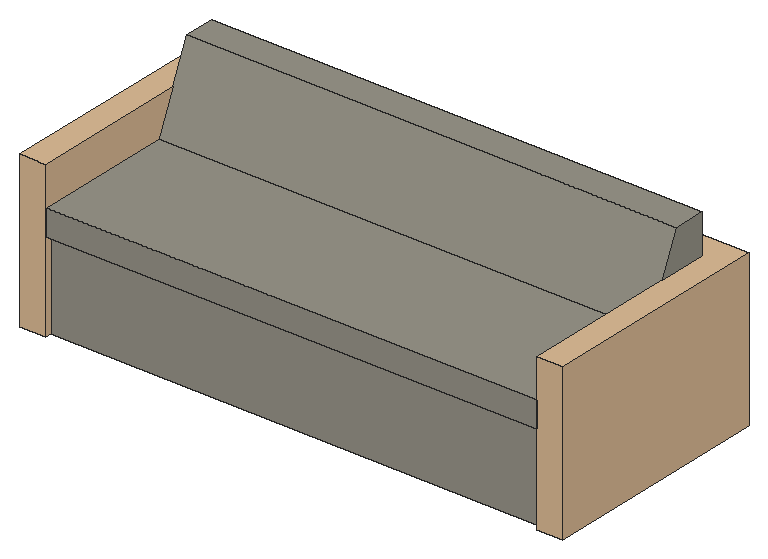
Revit family
Parameters
  width = 7' - 0"
  seat material = Sofa seat
  seat height = 1' - 6"
  heignt = 2' - 6"
  depth = 3' - 0"
  back arm height = 2' - 0"
  back arm depth = 0' - 4"
  arm material = Sofa arm
Reference planes (in)
  plane 1 "back": y = 0
  plane 2: z = 0
  plane 3 "Center": x = 3
  plane 4 "Left": x = -39
  plane 5 "right": x = 45
  plane 6 "front": y = -36
  plane 7: x = -35
  plane 8: x = 41
  plane 9: y = -4
  plane 10: z = 30
  plane 11 "arm height": z = 24
  plane 12 "seat height": z = 18
Forms (in)
  Extrusion 1, solid, material "Sofa seat" <- "seat material"
    sketch origin (-39, 0, 0.44766) x (0, 1, 0) y (0, 0, 1)
      loop
        line (-8.81972, 29.55234) -> (-14.21361, 17.55234) -> (-36, 17.55234) -> (-36, 13.55234) -> (-35, 13.55234) -> (-35, -0.44766) -> (-4, -0.44766) -> (-4, 29.55234) -> (-8.81972, 29.55234)
    from 4 to 80
  Extrusion 2, solid, material "Sofa arm" <- "arm material"
    sketch origin (0.5, 0, 0) x (1, 0, 0) y (0, 1, 0)
      loop
        line (-39.5, 0) -> (-39.5, -36) -> (-35.5, -36) -> (-35.5, -4) -> (40.5, -4) -> (40.5, -36) -> (44.5, -36) -> (44.5, 0) -> (-39.5, 0)
    from 0 to 24
Lines and regions (in)
  symbolic lines, style "InvisibleLines"
    curve 1: line (-5, 0, 0) -> (11, 0, 0)
    curve 2: line (3, -7, 0) -> (3, 9, 0)
